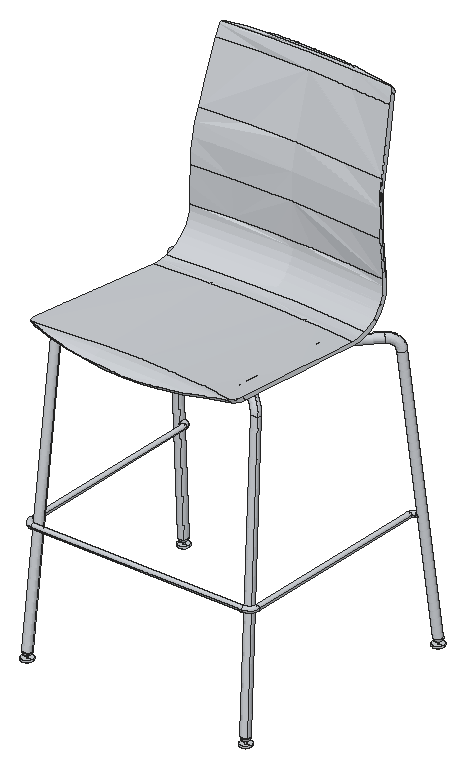
Revit family "Falcon-Sedera-301-2CS_Counterstool", category Furniture, Revit 2017
Family settings
  OmniClass Number = 23.40.20.00
  Work Plane-Based = No
  Always vertical = Yes
  Cut with Voids When Loaded = No
  Shared = No
  Room Calculation Point = No
Parameters (values of type "301-2CS")
  Seat Material [instance] = none
  Model = "G-301-2CS"
  Legs Material [instance] = none
  Description = "Sedera 4 leg counterstool"
Reference planes (in)
  plane 1 "Center (Front/Back)": y = 0
  plane 2: z = 0
  plane 3 "Center (Left/Right)": x = 0
  plane 4: y = -10.80967
  plane 5: through (-11.72939, 12.24053, 4.86563) normal (0.7874, 0.5933, 0.1674)
  plane 6: through (0, -12.64178, 32.50257) normal (0, -0.3256, -0.9455)
  plane 7: through (-10.48642, -8.25523, 27.16245) normal (0.4976, -0.8653, 0.0602)
  plane 8: through (-11.24332, 9.58752, 0.77814) normal (0.7427, 0.6687, 0.0363)
  plane 9: y = -9.29626
  plane 10: y = 9.02145
  plane 11: z = 10.10067
  plane 12: x = -11.22083
  plane 13: x = 11.22083
  plane 14: y = 9.58389
Forms (in)
  Sweep 1, solid, material <- "Seat Material"
    path origin (0, 6.41108, 25.94214) x (0, -0.945519, 0.325568) y (1, 0, 0)
      loop
        arc (19.00993, 10.07665) -> (17.25816, 0) -> (19.00993, -10.07665) r 29.85758
    profile origin (0, -9.90682, 31.56085) x (0, -0.945519, 0.325568) y (0, 0.325568, 0.945519)
      loop
        line (-15.35596, 15.21563) -> (-15.2682, 14.37997) -> (-15.65743, 8.81995)
        arc (-15.65743, 8.81995) -> (-15.95717, 6.74334) -> (-16.55765, 4.73298) r 14.2945
        arc (-16.55765, 4.73298) -> (-17.11237, 3.32118) -> (-17.69708, 1.92153) r 71.09342
        arc (-17.69708, 1.92153) -> (-17.82621, -0.23287) -> (-16.54915, -1.97276) r 3.1774
        arc (-16.54915, -1.97276) -> (-15.9425, -2.30851) -> (-15.28753, -2.536) r 4.05474
        line (-15.28753, -2.536) -> (-2.97988, -5.5161)
        arc (-2.97988, -5.5161) -> (-1.89172, -6.00625) -> (-1.05557, -6.85784) r 3.23262
        line (-1.05557, -6.85784) -> (-0.78978, -6.67965)
        arc (-0.78978, -6.67965) -> (-1.7087, -5.74376) -> (-2.90458, -5.20509) r 3.55262
        line (-2.90458, -5.20509) -> (-15.16987, -2.23524)
        arc (-15.16987, -2.23524) -> (-15.79393, -2.02428) -> (-16.37115, -1.70683) r 3.73
        arc (-16.37115, -1.70683) -> (-17.51932, -0.1422) -> (-17.40314, 1.79503) r 2.8574
        arc (-17.40314, 1.79503) -> (-16.8158, 3.20098) -> (-16.25858, 4.61914) r 71.41342
        arc (-16.25858, 4.61914) -> (-15.64466, 6.67451) -> (-15.33822, 8.79761) r 14.6145
        line (-15.33822, 8.79761) -> (-14.98827, 13.79645)
        arc (-14.98827, 13.79645) -> (-14.97281, 14.38511) -> (-15.00871, 14.97287) r 6.75
        line (-15.00871, 14.97287) -> (-15.03352, 15.20915)
        arc (-15.03352, 15.20915) -> (-15.04632, 15.23538) -> (-15.07298, 15.24726) r 0.04267
        line (-15.07298, 15.24726) -> (-15.30943, 15.26381)
        arc (-15.30943, 15.26381) -> (-15.34393, 15.25057) -> (-15.35596, 15.21563) r 0.04372
  Extrusion 2, void
    sketch origin (0, 0.39811, 42.03094) x (0, -0.75471, -0.656059) y (1, 0, 0)
      loop
        line (-10.46222, -20.88752) -> (28.12046, -20.88752) -> (28.12046, 21.84213) -> (-10.46222, 21.84213) -> (-10.46222, -20.88752)
      loop
        arc (-5.25775, -7.25431) -> (0.93757, -7.80565) -> (7.13979, -8.27302) r 459.20861
        line (7.13979, -8.27302) -> (17.63627, -8.70959)
        arc (17.63627, -8.70959) -> (18.0881, -8.57184) -> (18.35477, -8.18196) r 0.71327
        arc (18.35477, -8.18196) -> (19.43444, 0) -> (18.35477, 8.18196) r 31.54214
        arc (18.35477, 8.18196) -> (18.0881, 8.57184) -> (17.63627, 8.70959) r 0.71327
        line (17.63627, 8.70959) -> (7.13979, 8.27302)
        arc (7.13979, 8.27302) -> (0.93757, 7.80565) -> (-5.25775, 7.25431) r 459.20861
        arc (-5.25775, 7.25431) -> (-5.49589, 7.14538) -> (-5.61561, 6.91247) r 0.4
        arc (-5.61561, 6.91247) -> (-6.10477, 0) -> (-5.61561, -6.91247) r 49.08499
        arc (-5.61561, -6.91247) -> (-5.49589, -7.14538) -> (-5.25775, -7.25431) r 0.4
    from -18.57904 to 9.84252
  Sweep 3, solid, material <- "Seat Material"
    path origin (0, 0, 8.375) x (1, 0, 0) y (0, 0, 1)
      loop
        arc (7.5435, 16.70209) -> (0, 16.25247) -> (-7.5435, 16.70209) r 63.50594
    profile origin (0, 0, 24.62747) x (0, 0, -1) y (0, -1, 0)
      loop
        arc (1.52429, -3.61473) -> (1.02928, 2.17877) -> (0.40101, 7.95935) r 252.53296
        arc (0.40101, 7.95935) -> (0.32827, 8.15496) -> (0.17448, 8.29605) r 0.44589
        line (0.17448, 8.29605) -> (-0.70231, 8.78206) -> (0.60975, -4.40785) -> (1.2659, -4.07353)
        arc (1.2659, -4.07353) -> (1.46438, -3.88315) -> (1.52429, -3.61473) r 0.4756
  Extrusion 4, void
    sketch origin (0, 0, 8.25) x (1, 0, 0) y (0, 0, 1)
      loop
        line (-7.75, 18.51555) -> (-7.75, 15.08511) -> (-6.0021, 15.08511) -> (-7.75, 18.51555)
      loop
        line (7.78874, 18.59159) -> (6.0021, 15.08511) -> (7.78874, 15.08511) -> (7.78874, 18.59159)
    from -5.53624 to 12
  Sweep 5, solid, material <- "Legs Material"
    path origin (-10.48642, -8.25523, 27.16245) x (-0.029989, 0.05215, 0.998189) y (-0.866889, -0.498501, 0)
      loop
        line (-26.44857, -0.59849) -> (-3.38254, -2.28272)
        arc (-3.38254, -2.28272) -> (-2.56186, -2.69505) -> (-2.27312, -3.56692) r 1.2
        line (-2.27312, -3.56692) -> (-2.35252, -4.65442)
    profile origin (-8.79028, -8.31493, 12.2739) x (-0.866771, -0.49338, 0.072692) y (0.497599, -0.865319, 0.060158)
      loop
        circle (0, 0) r 0.34925
  Sweep 6, solid, material <- "Legs Material"
    path origin (-11.24332, 9.58752, 0.77814) x (0.026998, 0.02431, -0.99934) y (-0.669131, 0.743145, 0)
      loop
        line (0.03692, -0.80836) -> (-22.2642, -3.3348)
        arc (-22.2642, -3.3348) -> (-23.02468, -3.73233) -> (-23.32006, -4.53801) r 1.19
        line (-23.32006, -4.53801) -> (-23.23066, -9.65998)
    profile origin (-10.15721, 7.77787, 11.88444) x (0.667917, -0.735685, -0.112493) y (0.742654, 0.668689, 0.03633)
      loop
        circle (0, 0) r 0.35
  Extrusion 7, solid
    sketch origin (-9.17444, -9.33617, 0.76177) x (0.866771, 0.49338, -0.072692) y (0.497599, -0.865319, 0.060158)
      loop
        circle (0, 0) r 0.30385
    from 0 to 0.06
  Revolve 8, solid
    sketch origin (-9.17643, -9.34147, 0.70204) x (0.866771, 0.49338, -0.072692) y (0.497599, -0.865319, 0.060158)
      loop
        arc (0.30385, 0) -> (0, 0.30385) -> (-0.30385, 0) r 0.30385
        line (-0.30385, 0) -> (0.30385, 0)
      axis (0.30385, 0) -> (-0.30385, 0)
    angle from 0 to 360
  Revolve 9, solid
    sketch origin (-9.21746, -9.29626, 47.24409) x (-1, 0, 0) y (0, 0, 1)
      loop
        arc (0.02372, -46.85056) -> (0.2038, -46.77828) -> (0.31993, -46.62282) r 0.3589
        line (0.31993, -46.62282) -> (-0.02748, -46.62282) -> (-0.02748, -47.24409) -> (0.32523, -47.24409) -> (0.32523, -47.15816) -> (0.44393, -47.15816) -> (0.44393, -47.05186) -> (0.02372, -47.05186) -> (0.02372, -46.85056)
      axis (-0.02748, -47.24409) -> (-0.02748, -46.62282)
    angle from 0 to 360
  Revolve 10, solid
    sketch origin (9.21746, -9.29626, 47.24409) x (1, 0, 0) y (0, 0, -1)
      loop
        line (0.02372, 46.85056) -> (0.02372, 47.05186) -> (0.44393, 47.05186) -> (0.44393, 47.15816) -> (0.32523, 47.15816) -> (0.32523, 47.24409) -> (-0.02748, 47.24409) -> (-0.02748, 46.62282) -> (0.31993, 46.62282)
        arc (0.31993, 46.62282) -> (0.2038, 46.77828) -> (0.02372, 46.85056) r 0.3589
      axis (-0.02748, 47.24409) -> (-0.02748, 46.62282)
    angle from 0 to 360
  Revolve 11, solid
    sketch origin (-10.71661, 9.02145, 47.24409) x (-1, 0, 0) y (0, 0, 1)
      loop
        arc (0.04096, -46.85056) -> (0.22104, -46.77828) -> (0.33717, -46.62282) r 0.3589
        line (0.33717, -46.62282) -> (-0.01024, -46.62282) -> (-0.01024, -47.24409) -> (0.34247, -47.24409) -> (0.34247, -47.15816) -> (0.46118, -47.15816) -> (0.46118, -47.05186) -> (0.04096, -47.05186) -> (0.04096, -46.85056)
      axis (-0.01024, -47.24409) -> (-0.01024, -46.62282)
    angle from 0 to 360
  Revolve 12, solid
    sketch origin (-10.71661, 9.02145, 47.24409) x (-1, 0, 0) y (0, 0, 1)
      loop
        line (-21.47418, -46.85056) -> (-21.47418, -47.05186) -> (-21.8944, -47.05186) -> (-21.8944, -47.15816) -> (-21.77569, -47.15816) -> (-21.77569, -47.24409) -> (-21.42298, -47.24409) -> (-21.42298, -46.62282) -> (-21.7704, -46.62282)
        arc (-21.7704, -46.62282) -> (-21.65426, -46.77828) -> (-21.47418, -46.85056) r 0.3589
      axis (-21.42298, -47.24409) -> (-21.42298, -46.62282)
    angle from 0 to 360
  Sweep 13, solid, material <- "Legs Material"
    path origin (-8.85497, -60, 10.10067) x (-1, 0, 0) y (0, -1, 0)
      loop
        line (1.28577, -67.90608) -> (0.9993, -67.90608)
        arc (0.9993, -67.90608) -> (0.71645, -67.78892) -> (0.5993, -67.50608) r 0.4
        line (0.5993, -67.50608) -> (0.5993, -51.50606)
        arc (0.5993, -51.50606) -> (0.42356, -51.0818) -> (-0.0007, -50.90606) r 0.6
        line (-0.0007, -50.90606) -> (-17.70924, -50.90606)
        arc (-17.70924, -50.90606) -> (-18.1335, -51.0818) -> (-18.30924, -51.50606) r 0.6
        line (-18.30924, -51.50606) -> (-18.30924, -67.50608)
        arc (-18.30924, -67.50608) -> (-18.4264, -67.78892) -> (-18.70924, -67.90608) r 0.4
        line (-18.70924, -67.90608) -> (-18.99571, -67.90608)
    profile origin (-9.9975, 7.90608, 10.10067) x (0, 1, 0) y (0, 0, 1)
      loop
        circle (0, 0) r 0.2022
  Sweep 14, solid, material <- "Legs Material"
    path origin (11.24332, 9.58752, 0.77814) x (-0.026998, 0.02431, -0.99934) y (-0.669131, -0.743145, 0)
      loop
        line (0.03692, 0.80836) -> (-22.2642, 3.3348)
        arc (-22.2642, 3.3348) -> (-23.02468, 3.73233) -> (-23.32006, 4.53801) r 1.19
        line (-23.32006, 4.53801) -> (-23.23066, 9.65998)
    profile origin (10.15721, 7.77787, 11.88444) x (0.667917, 0.735685, 0.112493) y (-0.742654, 0.668689, 0.03633)
      loop
        circle (0, 0) r 0.35
  Sweep 15, solid, material <- "Legs Material"
    path origin (10.48642, -8.25523, 27.16245) x (0.029989, 0.05215, 0.998189) y (-0.866889, 0.498501, 0)
      loop
        line (-26.44857, 0.59849) -> (-3.38254, 2.28272)
        arc (-3.38254, 2.28272) -> (-2.56186, 2.69505) -> (-2.27312, 3.56692) r 1.2
        line (-2.27312, 3.56692) -> (-2.35252, 4.65442)
    profile origin (8.79028, -8.31493, 12.2739) x (-0.866771, 0.49338, -0.072692) y (-0.497599, -0.865319, 0.060158)
      loop
        circle (0, 0) r 0.34925
Cuts and joins
  Extrusion 2 cuts Sweep 1
  Extrusion 4 cuts Sweep 3
  joined: Sweep 6, Sweep 13
Lines and regions (in)
  Masking region 1
    outline origin (0, 0, 0) x (1, 0, 0) y (0, 1, 0)
      loop
        line (-8.28602, 5.45493) -> (-9.24386, 6.55679) -> (-9.24386, 7.45578)
        arc (-9.24386, 7.45578) -> (-9.44809, 7.92798) -> (-9.93206, 8.10252) r 0.64799
        line (-9.93206, 8.10252) -> (-10.25379, 8.82513)
        arc (-10.25379, 8.82513) -> (-10.91406, 9.48489) -> (-10.89826, 8.55162) r 0.50345
        line (-10.89826, 8.55162) -> (-9.84079, 6.1765) -> (-9.653, 5.96047) -> (-9.653, -8.51108)
        arc (-9.653, -8.51108) -> (-9.62247, -8.72399) -> (-9.53334, -8.91973) r 0.75763
        arc (-9.53334, -8.91973) -> (-9.39298, -9.75859) -> (-8.77321, -9.17611) r 0.48226
        line (-8.77321, -9.17611) -> (-8.70947, -9.013) -> (-8.71232, -9.11242)
        arc (-8.71232, -9.11242) -> (-8.59427, -9.48729) -> (-8.26955, -9.70868) r 0.6
        arc (-8.26955, -9.70868) -> (0, -10.80967) -> (8.26955, -9.70868) r 31.60702
        arc (8.26955, -9.70868) -> (8.59427, -9.48729) -> (8.71232, -9.11242) r 0.6
        line (8.71232, -9.11242) -> (8.70947, -9.013) -> (8.77321, -9.17611)
        arc (8.77321, -9.17611) -> (9.39298, -9.75859) -> (9.53334, -8.91973) r 0.48226
        arc (9.53334, -8.91973) -> (9.62247, -8.72399) -> (9.653, -8.51108) r 0.75763
        line (9.653, -8.51108) -> (9.653, 5.96047) -> (9.84079, 6.1765) -> (10.89826, 8.55162)
        arc (10.89826, 8.55162) -> (10.91406, 9.48489) -> (10.25379, 8.82513) r 0.50345
        line (10.25379, 8.82513) -> (9.93206, 8.10252)
        arc (9.93206, 8.10252) -> (9.44809, 7.92798) -> (9.24386, 7.45578) r 0.64799
        line (9.24386, 7.45578) -> (9.24386, 6.55679) -> (8.28602, 5.45493)
        spline (8.28602, 5.45493) -> (8.26998, 5.64008) -> (8.25384, 5.81451) -> (8.23768, 5.97728) -> (8.2216, 6.1275) -> (8.20568, 6.26435) -> (8.19, 6.38709) -> (8.17466, 6.49505) -> (8.15973, 6.58764) -> (8.1453, 6.66437) -> (8.13145, 6.72481) -> (8.11825, 6.76863) -> (8.10577, 6.7956)
        line (8.10577, 6.7956) -> (7.71809, 6.87119) -> (7.31014, 8.5074)
        arc (7.31014, 8.5074) -> (7.21349, 8.67694) -> (7.04272, 8.77139) r 0.36094
        arc (7.04272, 8.77139) -> (0, 9.59008) -> (-7.04272, 8.77139) r 30.70178
        arc (-7.04272, 8.77139) -> (-7.21349, 8.67694) -> (-7.31014, 8.5074) r 0.36094
        line (-7.31014, 8.5074) -> (-7.71809, 6.87119) -> (-8.10577, 6.7956)
        spline (-8.10577, 6.7956) -> (-8.11825, 6.76863) -> (-8.13145, 6.72481) -> (-8.1453, 6.66437) -> (-8.15973, 6.58764) -> (-8.17466, 6.49505) -> (-8.19, 6.38709) -> (-8.20568, 6.26435) -> (-8.2216, 6.1275) -> (-8.23768, 5.97728) -> (-8.25384, 5.81451) -> (-8.26998, 5.64008) -> (-8.28602, 5.45493)
      loop
        line (-8.32464, 4.43238) -> (-9.24502, 5.49115) -> (-9.24502, -8.46025) -> (-8.65008, -6.93783) -> (-8.32464, 4.43238)
      loop
        line (8.32464, 4.43238) -> (8.65008, -6.93783) -> (9.24502, -8.46025) -> (9.24502, 5.49115) -> (8.32464, 4.43238)
  symbolic lines, detail levels medium+fine
    curve 1: arc (-8.206, 6.28074, 10.10067) -> (0, 6.96294, 10.10067) -> (8.206, 6.28074, 10.10067) r 49.69505
    curve 2: line (-8.28602, 5.45493, 10.10067) -> (-8.32464, 4.43238, 10.10067)
    curve 3: line (-8.65008, -6.93783, 10.10067) -> (-8.70947, -9.013, 10.10067)
    curve 4: line (8.28602, 5.45493, 10.10067) -> (8.32464, 4.43238, 10.10067)
    curve 5: line (8.65008, -6.93783, 10.10067) -> (8.70947, -9.013, 10.10067)
    curve 6: line (-9.653, 5.96047, 10.10067) -> (-9.24502, 5.49115, 10.10067)
    curve 7: line (-9.24386, 6.55679, 10.10067) -> (-9.93206, 8.10252, 10.10067)
    curve 8: line (-9.24502, -8.46025, 10.10067) -> (-9.53334, -8.91973, 10.10067)
    curve 9: line (9.24502, -8.46025, 10.10067) -> (8.77321, -9.17611, 10.10067)
    curve 10: line (9.24386, 6.55679, 10.10067) -> (9.93206, 8.10252, 10.10067)
    curve 11: line (9.653, 5.96047, 10.10067) -> (9.24502, 5.49115, 10.10067)
Dimensions and locks (in)
  plane 1 "Center (Front/Back)" to plane 4 = 10.80967"
  radius of Sweep 5 sketch curve = 1.2"
  radius of Sweep 15 sketch curve = 1.2"
  aligned and locked: level to plane 2
  aligned and locked: plane 1 "Center (Front/Back)" to nested 1
  aligned and locked: plane 3 "Center (Left/Right)" to nested 1
Automatic sketch dimensions
  Sweep 1 sketch curve to plane 3 "Center (Left/Right)" = 0.0"
  plane 12 to Sweep 1 sketch curve = 1.14418"
  Sweep 1 sketch curve to Sweep 1 sketch curve = 28.1058"
  plane 13 to Sweep 1 sketch curve = 1.14418"
  Sweep 1 sketch curve to Sweep 1 sketch curve = 0.0"  (x10)
  profile plane to Sweep 1 sketch curve = 30.02427"
  profile plane to Sweep 1 sketch curve = 83.00029"
  profile plane to Sweep 1 sketch curve = 9.81821"
  profile plane to Sweep 1 sketch curve = 29.91703"
  Sweep 1 sketch curve to Sweep 1 sketch curve = 8.19525"
  Sweep 1 sketch curve to Sweep 1 sketch curve = 6.06435"
  Sweep 1 sketch curve to Sweep 1 sketch curve = 0.30147"
  Sweep 1 sketch curve to Sweep 1 sketch curve = 0.31922"
  Sweep 1 sketch curve to Sweep 1 sketch curve = 0.04348"
  Sweep 1 sketch curve to Sweep 1 sketch curve = 0.00305"
  Sweep 1 sketch curve to profile plane = 2.536"
  Sweep 1 sketch curve to Sweep 1 sketch curve = 0.05069"
  Sweep 1 sketch curve to Sweep 1 sketch curve = 0.08776"
  Sweep 1 sketch curve to profile plane = 2.23524"
  Sweep 1 sketch curve to Sweep 1 sketch curve = 0.11766"
  Sweep 1 sketch curve to Sweep 1 sketch curve = 0.23653"
  Sweep 1 sketch curve to Sweep 1 sketch curve = 0.00298"
  Sweep 1 sketch curve to Sweep 1 sketch curve = 0.04243"
  Sweep 1 sketch curve to Sweep 1 sketch curve = 0.02482"
  profile plane to Sweep 1 sketch curve = 13.79645"
  Sweep 1 sketch curve to Sweep 1 sketch curve = 0.27993"
  profile plane to Sweep 1 sketch curve = 0.66552"
  Sweep 1 sketch curve to Sweep 1 sketch curve = 0.39141"
  Sweep 1 sketch curve to Sweep 1 sketch curve = 0.48638"
  Sweep 1 sketch curve to Sweep 1 sketch curve = 0.00254"
  profile plane to Sweep 1 sketch curve = 3.74063"
  profile plane to Sweep 1 sketch curve = 2.97988"
  Sweep 1 sketch curve to Sweep 1 sketch curve = 0.07531"
  profile plane to Sweep 1 sketch curve = 1.05557"
  Sweep 1 sketch curve to Sweep 1 sketch curve = 0.2658"
  Sweep 1 sketch curve to profile plane = 5.20509"
  Sweep 1 sketch curve to Sweep 1 sketch curve = 0.31101"
  Sweep 1 sketch curve to Sweep 1 sketch curve = 1.16355"
  Sweep 1 sketch curve to Sweep 1 sketch curve = 0.004"
  Sweep 1 sketch curve to Sweep 1 sketch curve = 4.99884"
  Sweep 1 sketch curve to Sweep 1 sketch curve = 0.02235"
  profile plane to Sweep 1 sketch curve = 1.92153"
  Sweep 1 sketch curve to Sweep 1 sketch curve = 0.29394"
  Extrusion 2 sketch curve to plane 3 "Center (Left/Right)" = 0.0"  (x2)
  Extrusion 2 sketch curve to plane 13 = 10.6213"
  Extrusion 2 sketch curve to Extrusion 2 sketch curve = 1.64548"
  plane 13 to Extrusion 2 sketch curve = 4.36469"
  Extrusion 2 sketch curve to Extrusion 2 sketch curve = 6.8881"  (x2)
  plane 12 to Extrusion 2 sketch curve = 4.36469"
  plane 12 to Extrusion 2 sketch curve = 2.94781"
  Extrusion 2 sketch curve to Extrusion 2 sketch curve = 12.35939"  (x2)
  plane 13 to Extrusion 2 sketch curve = 2.94781"
  plane 12 to Extrusion 2 sketch curve = 2.51123"
  Extrusion 2 sketch curve to Extrusion 2 sketch curve = 10.49648"  (x2)
  plane 13 to Extrusion 2 sketch curve = 2.51123"
  Extrusion 2 sketch curve to Extrusion 2 sketch curve = 0.02964"  (x2)
  Extrusion 2 sketch curve to Extrusion 2 sketch curve = 10.48419"
  Extrusion 2 sketch curve to Extrusion 2 sketch curve = 10.42343"  (x2)
  Extrusion 2 sketch curve to Extrusion 2 sketch curve = 14.85975"
  Extrusion 2 sketch curve to plane 12 = 9.66669"
  Extrusion 2 sketch curve to Extrusion 2 sketch curve = 428.97299"
  Extrusion 2 sketch curve to Extrusion 2 sketch curve = 0.71265"  (x2)
  Extrusion 2 sketch curve to Extrusion 2 sketch curve = 428.01838"
  Extrusion 2 sketch curve to Extrusion 2 sketch curve = 0.39601"
  Extrusion 2 sketch curve to Extrusion 2 sketch curve = 0.0"  (x3)
  Sweep 3 sketch curve to plane 3 "Center (Left/Right)" = 0.0"
  plane 11 to Sweep 3 sketch curve = 78.03275"
  plane 12 to Sweep 3 sketch curve = 3.67733"
  plane 13 to Sweep 3 sketch curve = 3.67733"
  plane 11 to Sweep 3 sketch curve = 14.97642"
  Sweep 3 sketch curve to plane 1 "Center (Front/Back)" = 22.21527"
  profile plane to Sweep 3 sketch curve = 250.32272"
  profile plane to Sweep 3 sketch curve = 0.70231"
  profile plane to Sweep 3 sketch curve = 0.04169"
  Sweep 3 sketch curve to profile plane = 0.17448"
  Sweep 3 sketch curve to profile plane = 0.60975"
  Sweep 3 sketch curve to Sweep 3 sketch curve = 0.44022"
  Sweep 3 sketch curve to Sweep 3 sketch curve = 0.21592"
  Sweep 3 sketch curve to plane 1 "Center (Front/Back)" = 4.40785"
  Sweep 3 sketch curve to Sweep 3 sketch curve = 0.33432"
  Sweep 3 sketch curve to Sweep 3 sketch curve = 0.42376"
  plane 1 "Center (Front/Back)" to Sweep 3 sketch curve = 7.90607"
  Sweep 3 sketch curve to Sweep 3 sketch curve = 0.38998"
  Sweep 3 sketch curve to Sweep 3 sketch curve = 0.48601"
  Sweep 3 sketch curve to Sweep 3 sketch curve = 0.0"
  plane 12 to Extrusion 4 sketch curve = 3.47083"
  Extrusion 4 sketch curve to Extrusion 4 sketch curve = 1.7479"
  plane 13 to Extrusion 4 sketch curve = 5.21873"
  Extrusion 4 sketch curve to Extrusion 4 sketch curve = 1.78664"
  plane 11 to Extrusion 4 sketch curve = 13.23444"
  Extrusion 4 sketch curve to Extrusion 4 sketch curve = 0.0"
  Extrusion 4 sketch curve to Extrusion 4 sketch curve = 3.43045"
  Extrusion 4 sketch curve to Extrusion 4 sketch curve = 3.50648"
  Masking region 1 sketch curve to plane 10 = 0.0"  (x2)
  Masking region 1 sketch curve to plane 3 "Center (Left/Right)" = 0.0"  (x2)
  Masking region 1 sketch curve to plane 10 = 0.60137"  (x2)
  plane 12 to Masking region 1 sketch curve = 4.2609"
  Masking region 1 sketch curve to plane 10 = 0.51405"  (x2)
  Masking region 1 sketch curve to Masking region 1 sketch curve = 0.35022"  (x2)
  Masking region 1 sketch curve to Masking region 1 sketch curve = 0.40795"  (x2)
  Masking region 1 sketch curve to Masking region 1 sketch curve = 0.38768"  (x2)
  plane 9 to Masking region 1 sketch curve = 0.16667"  (x2)
  plane 12 to Masking region 1 sketch curve = 3.10826"
  Masking region 1 sketch curve to Masking region 1 sketch curve = 0.18025"  (x2)
  Masking region 1 sketch curve to Masking region 1 sketch curve = 0.03862"  (x2)
  Masking region 1 sketch curve to Masking region 1 sketch curve = 0.53751"  (x2)
  plane 9 to Masking region 1 sketch curve = 0.28326"  (x2)
  Masking region 1 sketch curve to Masking region 1 sketch curve = 0.59691"  (x2)
  plane 9 to Masking region 1 sketch curve = 0.18384"  (x2)
  plane 9 to Masking region 1 sketch curve = 0.12015"  (x2)
  Masking region 1 sketch curve to Masking region 1 sketch curve = 0.0609"  (x2)
  Masking region 1 sketch curve to Masking region 1 sketch curve = 0.18589"  (x2)
  Masking region 1 sketch curve to plane 9 = 0.00537"  (x2)
  Masking region 1 sketch curve to Masking region 1 sketch curve = 0.46564"  (x2)
  Masking region 1 sketch curve to Masking region 1 sketch curve = 1.13808"  (x2)
  Masking region 1 sketch curve to Masking region 1 sketch curve = 0.95899"  (x2)
  Masking region 1 sketch curve to Masking region 1 sketch curve = 0.40798"  (x2)
  Masking region 1 sketch curve to Masking region 1 sketch curve = 0.18779"  (x2)
  Masking region 1 sketch curve to Masking region 1 sketch curve = 0.64799"  (x2)
  Masking region 1 sketch curve to Masking region 1 sketch curve = 0.04021"  (x2)
  Masking region 1 sketch curve to plane 10 = 0.19632"  (x2)
  Masking region 1 sketch curve to Masking region 1 sketch curve = 0.32173"  (x2)
  Masking region 1 sketch curve to Masking region 1 sketch curve = 0.46359"  (x2)
  plane 13 to Masking region 1 sketch curve = 4.2609"
  plane 13 to Masking region 1 sketch curve = 3.10826"
  plane 13 to Masking region 1 sketch curve = 0.32257"
  Masking region 1 sketch curve to plane 4 = 10.30203"
  Masking region 1 sketch curve to Masking region 1 sketch curve = 0.50192"  (x2)
  Masking region 1 sketch curve to Masking region 1 sketch curve = 0.05083"  (x2)
  Masking region 1 sketch curve to Masking region 1 sketch curve = 1.57326"  (x2)
  Masking region 1 sketch curve to Masking region 1 sketch curve = 4.07502"  (x2)
  Masking region 1 sketch curve to Masking region 1 sketch curve = 1.02255"  (x2)
  Masking region 1 sketch curve to Masking region 1 sketch curve = 0.03622"  (x2)
  Masking region 1 sketch curve to Masking region 1 sketch curve = 0.46932"  (x2)
  Masking region 1 sketch curve to Masking region 1 sketch curve = 0.21603"  (x2)
  Masking region 1 sketch curve to Masking region 1 sketch curve = 0.38029"  (x2)
  Masking region 1 sketch curve to Masking region 1 sketch curve = 0.23881"  (x2)
  Masking region 1 sketch curve to Masking region 1 sketch curve = 0.0756"  (x2)
  Masking region 1 sketch curve to Masking region 1 sketch curve = 0.89899"  (x2)
  plane 14 to Masking region 1 sketch curve = 11.21347"
  Masking region 1 sketch curve to Masking region 1 sketch curve = 0.0"  (x3)
  Masking region 1 sketch curve to Masking region 1 sketch curve = 0.01301"  (x2)
  Masking region 1 sketch curve to Masking region 1 sketch curve = 0.07343"  (x2)
  plane 12 to Masking region 1 sketch curve = 0.32257"
  Sweep 5 sketch curve to Sweep 5 sketch curve = 0.08739"
  Sweep 5 sketch curve to Sweep 5 sketch curve = 1.19681"
  Sweep 5 sketch curve to Sweep 5 sketch curve = 23.06603"
  Sweep 5 sketch curve to Sweep 5 sketch curve = 0.07941"
  plane 7 to Sweep 5 sketch curve = 0.0"
  Sweep 5 sketch curve to profile plane = 0.0"
  Sweep 6 sketch curve to Sweep 6 sketch curve = 1.05586"
  Sweep 6 sketch curve to Sweep 6 sketch curve = 0.13396"
  Sweep 6 sketch curve to Sweep 6 sketch curve = 0.02077"
  Sweep 6 sketch curve to Sweep 6 sketch curve = 0.0894"
  Sweep 6 sketch curve to Sweep 6 sketch curve = 22.30112"
  Sweep 6 sketch curve to plane 8 = 0.0"
  Sweep 6 sketch curve to profile plane = 0.0"
  Revolve 8 sketch curve to Revolve 8 sketch curve = 0.11858"
  Revolve 8 sketch curve to Revolve 8 sketch curve = 0.0"  (x2)
  Revolve 9 sketch curve to level = 0.0"
  level to Revolve 9 sketch curve = 0.62127"
  plane 12 to Revolve 9 sketch curve = 2.03084"
  Revolve 9 sketch curve to Revolve 9 sketch curve = 0.01253"  (x2)
  Revolve 9 sketch curve to Revolve 9 sketch curve = 0.05119"
  Revolve 9 sketch curve to Revolve 9 sketch curve = 0.34741"
  Revolve 9 sketch curve to Revolve 9 sketch curve = 0.3527"
  Revolve 9 sketch curve to Revolve 9 sketch curve = 0.11871"
  level to Revolve 9 sketch curve = 0.08593"
  level to Revolve 9 sketch curve = 0.19224"
  Revolve 9 sketch curve to Revolve 9 sketch curve = 0.2013"
  Revolve 9 sketch curve to Revolve 9 sketch curve = 0.01213"
  Revolve 9 sketch curve to Revolve 9 sketch curve = 0.0063"
  Revolve 10 sketch curve to level = 0.0"
  level to Revolve 10 sketch curve = 0.62127"
  plane 13 to Revolve 10 sketch curve = 2.03084"
  Revolve 10 sketch curve to Revolve 10 sketch curve = 0.01253"  (x2)
  Revolve 10 sketch curve to Revolve 10 sketch curve = 0.05119"
  Revolve 10 sketch curve to Revolve 10 sketch curve = 0.34741"
  Revolve 10 sketch curve to Revolve 10 sketch curve = 0.3527"
  Revolve 10 sketch curve to Revolve 10 sketch curve = 0.11871"
  Revolve 10 sketch curve to Revolve 10 sketch curve = 0.12907"
  level to Revolve 10 sketch curve = 0.19224"
  level to Revolve 10 sketch curve = 0.08593"
  Revolve 10 sketch curve to Revolve 10 sketch curve = 0.01213"
  Revolve 10 sketch curve to Revolve 10 sketch curve = 0.0063"
  Revolve 11 sketch curve to level = 0.0"
  plane 12 to Revolve 11 sketch curve = 0.51445"
  Revolve 11 sketch curve to Revolve 11 sketch curve = 0.01253"  (x2)
  Revolve 11 sketch curve to Revolve 11 sketch curve = 0.05119"
  plane 12 to Revolve 11 sketch curve = 0.16704"
  plane 12 to Revolve 11 sketch curve = 0.16175"
  plane 12 to Revolve 11 sketch curve = 0.04304"
  level to Revolve 11 sketch curve = 0.08593"
  level to Revolve 11 sketch curve = 0.19224"
  Revolve 11 sketch curve to Revolve 11 sketch curve = 0.2013"
  Revolve 11 sketch curve to Revolve 11 sketch curve = 0.22774"
  Revolve 11 sketch curve to Revolve 11 sketch curve = 0.01213"
  Revolve 11 sketch curve to Revolve 11 sketch curve = 0.0063"
  Revolve 12 sketch curve to level = 0.0"
  plane 13 to Revolve 12 sketch curve = 0.04304"
  Revolve 12 sketch curve to Revolve 12 sketch curve = 0.11871"
  plane 13 to Revolve 12 sketch curve = 0.16704"
  Revolve 12 sketch curve to Revolve 12 sketch curve = 0.30151"
  Revolve 12 sketch curve to Revolve 12 sketch curve = 0.33489"
  Revolve 12 sketch curve to Revolve 12 sketch curve = 0.05119"
  Revolve 12 sketch curve to Revolve 12 sketch curve = 0.08593"
  level to Revolve 12 sketch curve = 0.19224"
  Revolve 12 sketch curve to Revolve 12 sketch curve = 0.2013"
  Revolve 12 sketch curve to Revolve 12 sketch curve = 0.22774"
  Revolve 12 sketch curve to Revolve 12 sketch curve = 0.0"
  Revolve 12 sketch curve to Revolve 12 sketch curve = 0.01213"
  Revolve 12 sketch curve to Revolve 12 sketch curve = 0.0063"
  plane 13 to Sweep 13 sketch curve = 1.36656"
  Sweep 13 sketch curve to Sweep 13 sketch curve = 0.4"  (x2)
  Sweep 13 sketch curve to Sweep 13 sketch curve = 0.6"
  plane 9 to Sweep 13 sketch curve = 0.20232"
  Sweep 13 sketch curve to Sweep 13 sketch curve = 0.0"
  plane 9 to Sweep 13 sketch curve = 0.80232"
  plane 12 to Sweep 13 sketch curve = 2.36656"
  Sweep 13 sketch curve to plane 10 = 1.51538"  (x2)
  Sweep 13 sketch curve to Sweep 13 sketch curve = 0.28647"  (x2)
  Sweep 13 sketch curve to plane 11 = 0.0"
  Sweep 13 sketch curve to profile plane = 0.0"
  curve 1 to plane 3 "Center (Left/Right)" = 0.0"
  curve 1 to plane 4 = 31.92244"
  plane 13 to curve 1 = 3.01482"
  curve 4 to curve 1 = 0.08002"
  curve 4 to curve 4 = 0.03862"
  plane 13 to curve 5 = 2.57075"
  plane 9 to curve 5 = 0.28326"
  curve 5 to curve 5 = 0.05939"
  plane 9 to curve 9 = 0.12015"
  curve 9 to curve 5 = 0.06374"
  curve 10 to curve 1 = 1.03785"
  curve 11 to curve 4 = 0.95899"
  plane 9 to curve 9 = 0.83601"
  curve 9 to curve 5 = 0.53555"
  curve 11 to curve 11 = 0.40798"
  plane 13 to curve 10 = 1.28876"
  plane 12 to curve 1 = 3.01482"
  curve 1 to curve 2 = 0.08002"
  curve 2 to curve 2 = 0.03862"
  plane 12 to curve 3 = 2.57075"
  plane 9 to curve 3 = 0.28326"
  curve 3 to curve 3 = 0.05939"
  curve 1 to curve 7 = 1.03785"
  curve 2 to curve 6 = 0.95899"
  plane 9 to curve 8 = 0.83601"
  curve 3 to curve 8 = 0.53555"
  plane 9 to curve 8 = 0.37653"
  curve 8 to curve 8 = 0.28832"
  curve 6 to curve 6 = 0.40798"
  plane 12 to curve 7 = 1.28876"
  curve 5 to curve 9 = 1.52242"
  curve 3 to curve 8 = 1.52242"
  curve 2 to plane 1 "Center (Front/Back)" = 4.43238"
  curve 4 to plane 1 "Center (Front/Back)" = 4.43238"
  curve 4 to curve 4 = 1.02255"
  curve 2 to curve 2 = 1.02255"
  curve 11 to curve 4 = 0.03622"
  curve 6 to curve 2 = 0.03622"
  curve 6 to curve 6 = 0.46932"
  curve 11 to curve 11 = 0.46932"
  curve 1 to curve 2 = 0.82582"
  curve 7 to curve 6 = 0.59632"
  curve 10 to curve 11 = 0.59632"
  curve 7 to plane 10 = 0.91893"
  curve 10 to plane 10 = 0.91893"
  Sweep 14 sketch curve to Sweep 14 sketch curve = 1.05586"
  Sweep 14 sketch curve to Sweep 14 sketch curve = 1.18982"
  Sweep 14 sketch curve to Sweep 14 sketch curve = 1.18244"
  Sweep 14 sketch curve to Sweep 14 sketch curve = 0.0894"
  Sweep 14 sketch curve to Sweep 14 sketch curve = 22.30112"
  profile plane to Sweep 14 sketch curve = 0.0"
  Sweep 14 sketch curve to profile plane = 0.0"
  Sweep 15 sketch curve to Sweep 15 sketch curve = 0.08739"
  Sweep 15 sketch curve to Sweep 15 sketch curve = 1.19681"
  Sweep 15 sketch curve to Sweep 15 sketch curve = 23.06603"
  Sweep 15 sketch curve to Sweep 15 sketch curve = 0.07941"
  profile plane to Sweep 15 sketch curve = 0.0"  (x2)
  radius of Sweep 5 sketch curve = 0.34925"
  radius of Sweep 6 sketch curve = 0.35"
  radius of Extrusion 7 sketch curve to Sweep 5 = 0.0454"
  radius of Revolve 8 sketch curve to Extrusion 7 = 0.0"
  radius of Sweep 13 sketch curve = 0.2022"
  radius of Sweep 14 sketch curve = 0.35"
  radius of Sweep 15 sketch curve = 0.34925"
Nested families (in)
  nested 1: "Label 1-16" at (0, 0, 0), type "Center", detail levels fine
    with Offset (LR) 0.0"
Definition of nested family "Label 1-16"
  Parameters (values of type "Center")
    P_Width = 0.0"
    Text_Width = "Empty"
    Text_Height = "Empty"
    Text_Diameter = "Empty"
    Text_Depth = "Empty"
    Offset (LR) [instance] = 0.0"
    Model Name = "6961"
    P_Height = 0.0"
    Distance of Center (not Change) = 0.0"
    P_Diameter = 0.0"
    P_Depth = 0.0"
  Reference planes (in)
    plane 1: y = 0
    plane 2: x = 0
  Lines and regions (in)
    reference lines
      curve 1: line (-0.44359, 0, 0) -> (0.41085, 0, 0)
      curve 3: line (0, 0.32564, 0) -> (0, -0.40221, 0)
    reference lines, not visible
      curve 2: line (-0.44359, 0.09843, 0) -> (0.41085, 0.09843, 0)
      curve 4: line (0, 0.42407, 0) -> (0, -0.30379, 0)
  Text (in)
    label "Empty" at (0.00197, -0.0079, 0), shows "Model Name"
    label "Empty" at (0.00197, 0.09052, 0), shows "Model Name", not visible
  Dimensions and locks (in)
    "Distance of Center (not Change)": plane 1 to curve 1
    "Offset (LR)": curve 3 to plane 2
  Automatic sketch dimensions
    curve 1 to curve 3 = 0.44359"
    curve 3 to curve 1 = 0.41085"
    curve 3 to curve 1 = 0.40221"
    curve 1 to curve 3 = 0.32564"
    curve 2 to curve 4 = 0.44359"
    curve 4 to curve 2 = 0.41085"
    curve 4 to curve 2 = 0.40221"
    curve 2 to curve 4 = 0.32564"
